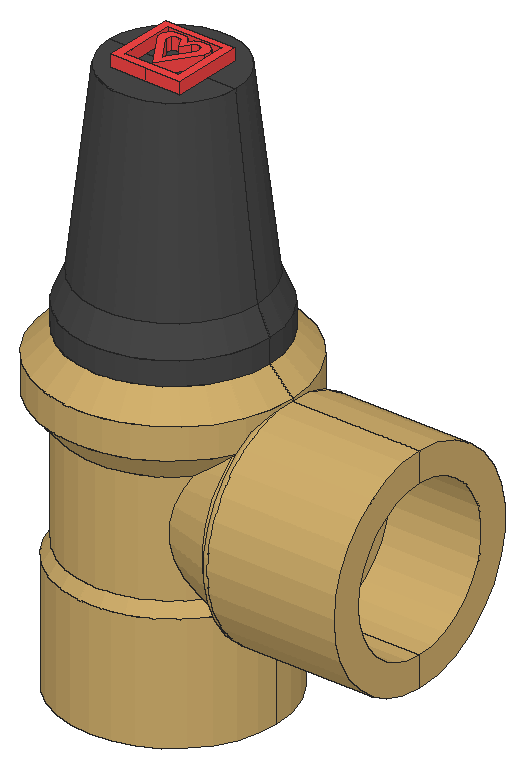
Revit family "Sicherheitsventil 26xx", category Rohrzubehör, Revit 2018
Family settings
  Bemaßung runder Anschluss = Durchmesser verwenden
  Teiletyp = Normal
  OmniClass-Nummer = 23.65.55.14
  OmniClass-Titel = Valves for Liquid Services
  Arbeitsebenenbasiert = Nein
  Immer vertikal = Ja
  Beim Laden mit Abzugskörper schneiden = Nein
  Gemeinsam genutzt = Nein
Parameters (values of type "PN8")
  min.Betriebstemp. = 0 °C  # constant formula
  max.Betriebstemp. = 110 °C  # constant formula
  interne Gewindeanschlüsse = "nach ISO 228-1"  # constant formula
  WS01 = 70.00°  # constant formula
  URL = "www.herz-armaturen.at"
  Typenschild = "Kunststoff PA6"  # constant formula
  SCRNSEQ = "AWI;AWI_TYP=\"1015\";2"
  SCRNCODE = "05;21;02"  # constant formula
  S03 = 10.5000 mm  # constant formula
  S02 [instance] = H02 + H05  # 47.5000 mm
  S01 = 8.0000 mm  # constant formula
  R11 = 1.0000 mm  # constant formula
  R10 [instance] = (Nennweite Aus / 2) + 3.8000 mm  # 13.8000 mm
  R09 [instance] = Nennweite Aus / 2  # 10.0000 mm
  R08 [instance] = (Nennweite / 2) + 3.5000 mm  # 11.0000 mm
  R07 [instance] = R08 - 2.8000 mm  # 8.2000 mm
  R06 [instance] = Nennweite / 2  # 7.5000 mm
  R05 [instance] = Nennweite / 2  # 7.5000 mm
  R04 [instance] = if(PN1.8, size_lookup("26XX_PN1.8", "SW", 40.0000 mm, Nennweite), if(PN2.5, size_lookup("26XX_PN2.5", "SW", 40.0000 mm, Nennweite), if(PN3, size_lookup("26XX_PN3", "SW", 40.0000 mm, Nennweite), if(PN4, size_lookup("26XX_PN4", "SW", 40.0000 mm, Nennweite), if(PN5, size_lookup("26XX_PN5", "SW", 40.0000 mm, Nennweite), if(PN6, size_lookup("26XX_PN6", "SW", 40.0000 mm, Nennweite), if(PN8, size_lookup("26XX_PN8", "SW", 40.0000 mm, Nennweite), size_lookup("26XX_PN10", "SW", 269501.0000 mm, Nennweite))))))))  # 13.5000 mm
  R03 [instance] = (Nennweite / 2) + 5.0000 mm  # 12.5000 mm
  R02 [instance] = R04 + 2.0000 mm  # 15.5000 mm
  PN8 = yes
  PN6 = no
  PN5 = no
  PN4 = no
  PN3 = no
  PN2.5 = no
  PN10 = no
  PN1.8 = no
  Nennweite Aus [instance] = if(PN1.8, size_lookup("26XX_PN1.8", "DN1", 40.0000 mm, Nennweite), if(PN2.5, size_lookup("26XX_PN2.5", "DN1", 40.0000 mm, Nennweite), if(PN3, size_lookup("26XX_PN3", "DN1", 40.0000 mm, Nennweite), if(PN4, size_lookup("26XX_PN4", "DN1", 40.0000 mm, Nennweite), if(PN5, size_lookup("26XX_PN5", "DN1", 40.0000 mm, Nennweite), if(PN6, size_lookup("26XX_PN6", "DN1", 40.0000 mm, Nennweite), if(PN8, size_lookup("26XX_PN8", "DN1", 40.0000 mm, Nennweite), size_lookup("26XX_PN10", "DN1", 269501.0000 mm, Nennweite))))))))  # 20.0000 mm
  Nennweite [instance] = 15.0000 mm
  Membran = "VMQ-Silicom 50 Sha"  # constant formula
  L02 [instance] = if(PN1.8, size_lookup("26XX_PN1.8", "L2", 17.5000 mm, Nennweite), if(PN2.5, size_lookup("26XX_PN2.5", "L2", 17.5000 mm, Nennweite), if(PN3, size_lookup("26XX_PN3", "L2", 17.5000 mm, Nennweite), if(PN4, size_lookup("26XX_PN4", "L2", 17.5000 mm, Nennweite), if(PN5, size_lookup("26XX_PN5", "L2", 17.5000 mm, Nennweite), if(PN6, size_lookup("26XX_PN6", "L2", 17.5000 mm, Nennweite), if(PN8, size_lookup("26XX_PN8", "L2", 17.5000 mm, Nennweite), size_lookup("26XX_PN10", "L2", 269501.0000 mm, Nennweite))))))))  # 17.5000 mm
  L01 [instance] = if(PN1.8, size_lookup("26XX_PN1.8", "L1", 12.0000 mm, Nennweite), if(PN2.5, size_lookup("26XX_PN2.5", "L1", 12.0000 mm, Nennweite), if(PN3, size_lookup("26XX_PN3", "L1", 12.0000 mm, Nennweite), if(PN4, size_lookup("26XX_PN4", "L1", 12.0000 mm, Nennweite), if(PN5, size_lookup("26XX_PN5", "L1", 12.0000 mm, Nennweite), if(PN6, size_lookup("26XX_PN6", "L1", 12.0000 mm, Nennweite), if(PN8, size_lookup("26XX_PN8", "L1", 12.0000 mm, Nennweite), size_lookup("26XX_PN10", "L1", 269501.0000 mm, Nennweite))))))))  # 12.0000 mm
  L00 [instance] = if(PN1.8, size_lookup("26XX_PN1.8", "L", 52.0000 mm, Nennweite), if(PN2.5, size_lookup("26XX_PN2.5", "L", 52.0000 mm, Nennweite), if(PN3, size_lookup("26XX_PN3", "L", 52.0000 mm, Nennweite), if(PN4, size_lookup("26XX_PN4", "L", 52.0000 mm, Nennweite), if(PN5, size_lookup("26XX_PN5", "L", 52.0000 mm, Nennweite), if(PN6, size_lookup("26XX_PN6", "L", 52.0000 mm, Nennweite), if(PN8, size_lookup("26XX_PN8", "L", 52.0000 mm, Nennweite), size_lookup("26XX_PN10", "L", 269501.0000 mm, Nennweite))))))))  # 32.0000 mm
  Kappe = "Kunststoff PA6"  # constant formula
  H08 [instance] = if(PN1.8, size_lookup("26XX_PN1.8", "H8", 21.0000 mm, Nennweite), if(PN2.5, size_lookup("26XX_PN2.5", "H8", 21.0000 mm, Nennweite), if(PN3, size_lookup("26XX_PN3", "H8", 21.0000 mm, Nennweite), if(PN4, size_lookup("26XX_PN4", "H8", 21.0000 mm, Nennweite), if(PN5, size_lookup("26XX_PN5", "H8", 21.0000 mm, Nennweite), if(PN6, size_lookup("26XX_PN6", "H8", 21.0000 mm, Nennweite), if(PN8, size_lookup("26XX_PN8", "H8", 21.0000 mm, Nennweite), size_lookup("26XX_PN10", "H8", 269501.0000 mm, Nennweite))))))))  # 6.5000 mm
  H07 [instance] = if(PN1.8, size_lookup("26XX_PN1.8", "H7", 3.0000 mm, Nennweite), if(PN2.5, size_lookup("26XX_PN2.5", "H7", 3.0000 mm, Nennweite), if(PN3, size_lookup("26XX_PN3", "H7", 3.0000 mm, Nennweite), if(PN4, size_lookup("26XX_PN4", "H7", 3.0000 mm, Nennweite), if(PN5, size_lookup("26XX_PN5", "H7", 3.0000 mm, Nennweite), if(PN6, size_lookup("26XX_PN6", "H7", 3.0000 mm, Nennweite), if(PN8, size_lookup("26XX_PN8", "H7", 3.0000 mm, Nennweite), size_lookup("26XX_PN10", "H7", 269501.0000 mm, Nennweite))))))))  # 3.0000 mm
  H06 [instance] = if(PN1.8, size_lookup("26XX_PN1.8", "H6", 15.0000 mm, Nennweite), if(PN2.5, size_lookup("26XX_PN2.5", "H6", 15.0000 mm, Nennweite), if(PN3, size_lookup("26XX_PN3", "H6", 15.0000 mm, Nennweite), if(PN4, size_lookup("26XX_PN4", "H6", 15.0000 mm, Nennweite), if(PN5, size_lookup("26XX_PN5", "H6", 15.0000 mm, Nennweite), if(PN6, size_lookup("26XX_PN6", "H6", 15.0000 mm, Nennweite), if(PN8, size_lookup("26XX_PN8", "H6", 15.0000 mm, Nennweite), size_lookup("26XX_PN10", "H6", 269501.0000 mm, Nennweite))))))))  # 15.0000 mm
  H05 [instance] = if(PN1.8, size_lookup("26XX_PN1.8", "H5", 30.0000 mm, Nennweite), if(PN2.5, size_lookup("26XX_PN2.5", "H5", 30.0000 mm, Nennweite), if(PN3, size_lookup("26XX_PN3", "H5", 30.0000 mm, Nennweite), if(PN4, size_lookup("26XX_PN4", "H5", 30.0000 mm, Nennweite), if(PN5, size_lookup("26XX_PN5", "H5", 30.0000 mm, Nennweite), if(PN6, size_lookup("26XX_PN6", "H5", 30.0000 mm, Nennweite), if(PN8, size_lookup("26XX_PN8", "H5", 30.0000 mm, Nennweite), size_lookup("26XX_PN10", "H5", 269501.0000 mm, Nennweite))))))))  # 30.5000 mm
  H04 [instance] = if(PN1.8, size_lookup("26XX_PN1.8", "H4", 12.0000 mm, Nennweite), if(PN2.5, size_lookup("26XX_PN2.5", "H4", 12.0000 mm, Nennweite), if(PN3, size_lookup("26XX_PN3", "H4", 12.0000 mm, Nennweite), if(PN4, size_lookup("26XX_PN4", "H4", 12.0000 mm, Nennweite), if(PN5, size_lookup("26XX_PN5", "H4", 12.0000 mm, Nennweite), if(PN6, size_lookup("26XX_PN6", "H4", 12.0000 mm, Nennweite), if(PN8, size_lookup("26XX_PN8", "H4", 12.0000 mm, Nennweite), size_lookup("26XX_PN10", "H4", 269501.0000 mm, Nennweite))))))))  # 12.0000 mm
  H00 [instance] = if(PN1.8, size_lookup("26XX_PN1.8", "H", 72.0000 mm, Nennweite), if(PN2.5, size_lookup("26XX_PN2.5", "H", 72.0000 mm, Nennweite), if(PN3, size_lookup("26XX_PN3", "H", 72.0000 mm, Nennweite), if(PN4, size_lookup("26XX_PN4", "H", 72.0000 mm, Nennweite), if(PN5, size_lookup("26XX_PN5", "H", 72.0000 mm, Nennweite), if(PN6, size_lookup("26XX_PN6", "H", 72.0000 mm, Nennweite), if(PN8, size_lookup("26XX_PN8", "H", 72.0000 mm, Nennweite), size_lookup("26XX_PN10", "H", 269501.0000 mm, Nennweite))))))))  # 72.0000 mm
  H03 [instance] = if(PN1.8, size_lookup("26XX_PN1.8", "H3", 4.0000 mm, Nennweite), if(PN2.5, size_lookup("26XX_PN2.5", "H3", 4.0000 mm, Nennweite), if(PN3, size_lookup("26XX_PN3", "H3", 4.0000 mm, Nennweite), if(PN4, size_lookup("26XX_PN4", "H3", 4.0000 mm, Nennweite), if(PN5, size_lookup("26XX_PN5", "H3", 4.0000 mm, Nennweite), if(PN6, size_lookup("26XX_PN6", "H3", 4.0000 mm, Nennweite), if(PN8, size_lookup("26XX_PN8", "H3", 4.0000 mm, Nennweite), size_lookup("26XX_PN10", "H3", 269501.0000 mm, Nennweite))))))))  # 4.0000 mm
  H02 [instance] = H00 - (H01 + H05)  # 17.0000 mm
  H01 [instance] = if(PN1.8, size_lookup("26XX_PN1.8", "H1", 30.0000 mm, Nennweite), if(PN2.5, size_lookup("26XX_PN2.5", "H1", 30.0000 mm, Nennweite), if(PN3, size_lookup("26XX_PN3", "H1", 30.0000 mm, Nennweite), if(PN4, size_lookup("26XX_PN4", "H1", 30.0000 mm, Nennweite), if(PN5, size_lookup("26XX_PN5", "H1", 30.0000 mm, Nennweite), if(PN6, size_lookup("26XX_PN6", "H1", 30.0000 mm, Nennweite), if(PN8, size_lookup("26XX_PN8", "H1", 30.0000 mm, Nennweite), size_lookup("26XX_PN10", "H1", 269501.0000 mm, Nennweite))))))))  # 24.5000 mm
  Hersteller = "Herz-Armaturen GmbH"  # constant formula
  Gewicht [instance] = if(PN1.8, size_lookup("26XX_PN1.8", "Gewicht", 0.19, Nennweite), if(PN2.5, size_lookup("26XX_PN2.5", "Gewicht", 0.19, Nennweite), if(PN3, size_lookup("26XX_PN3", "Gewicht", 0.19, Nennweite), if(PN4, size_lookup("26XX_PN4", "Gewicht", 0.19, Nennweite), if(PN5, size_lookup("26XX_PN5", "Gewicht", 0.19, Nennweite), if(PN6, size_lookup("26XX_PN6", "Gewicht", 0.19, Nennweite), if(PN8, size_lookup("26XX_PN8", "Gewicht", 0.19, Nennweite), size_lookup("26XX_PN10", "Gewicht", 269501, Nennweite))))))))  # 0.118
  Gehäuse = "geschmiedetes Messing nach EN 12165, CW 617N"  # constant formula
  Feder = "Federstahl W.Nr. 1.4310"  # constant formula
  DN32 [instance] = Nennweite = 32.0000 mm  # no
  DN25 [instance] = Nennweite = 25.0000 mm  # no
  DN20 [instance] = Nennweite = 20.0000 mm  # no
  DN15 [instance] = Nennweite = 15.0000 mm  # yes
  Bestellnummer [instance] = if(PN1.8, size_lookup("26XX_PN1.8", "Artnr", 0, Nennweite), if(PN2.5, size_lookup("26XX_PN2.5", "Artnr", 0, Nennweite), if(PN3, size_lookup("26XX_PN3", "Artnr", 0, Nennweite), if(PN4, size_lookup("26XX_PN4", "Artnr", 0, Nennweite), if(PN5, size_lookup("26XX_PN5", "Artnr", 0, Nennweite), if(PN6, size_lookup("26XX_PN6", "Artnr", 0, Nennweite), if(PN8, size_lookup("26XX_PN8", "Artnr", 0, Nennweite), size_lookup("26XX_PN10", "Artnr", 0, Nennweite))))))))  # 1268501
  Anwendungen = "HERZ Sicherheitsventil wird als Schutzelement an Zentralheizungskesseln und in geschlossenen Heizungsanlagen eingesetzt. Es schützt den Kessel und die Installation vor erhöhtem Druck. Der Öffnungsdruck ist gleich dem Nenndruck."
Types (9, lengths in mm): name | S02 | R10 | R09 | R08 | R07 | R06 | R05 | R04 | R03 | R02 | PN8 | PN6 | PN5 | PN4 | PN3 | PN2.5 | PN10 | PN1.8 | Nennweite Aus | Nennweite | L00 | H08 | H05 | H00 | H02 | H01 | Gewicht | DN32 | DN25 | DN20 | DN15 | Bestellnummer | Anwendungen
  (no name) | 47.5000 | 13.8000 | 10.0000 | 11.0000 | 8.2000 | 7.5000 | 7.5000 | 13.5000 | 12.5000 | 15.5000 | yes | no | no | no | no | no | no | no | 20.0000 | 15.0000 | 32.0000 | 6.5000 | 30.5000 | 72.0000 | 17.0000 | 24.5000 | 0.118 | no | no | no | yes | 1268501 | "HERZ Sicherheitsventil wird als Schutzelement an Zentralheizungskesseln und in geschlossenen Heizungsanlagen eingesetzt. Es schützt den Kessel und die Installation vor erhöhtem Druck. Der Öffnungsdruck ist gleich dem Nenndruck."
  PN1.8 | 44.7500 | 16.3000 | 12.5000 | 13.5000 | 10.7000 | 10.0000 | 10.0000 | 16.0000 | 15.0000 | 18.0000 | no | no | no | no | no | no | no | yes | 25.0000 | 20.0000 | 35.0000 | 9.7500 | 25.0000 | 72.0000 | 19.7500 | 27.2500 | 0.19 | no | no | yes | no | 1261802 | "HERZ Druckentlastungsventil wird als Schutzelement an Zentralheizungskesseln und in geschlossenen Heizungsanlagen eingesetzt. Es schützt den Kessel und die Installation vor erhöhtem Druck. Der Öffnungsdruck ist gleich dem Nenndruck."
  PN2.5 | 47.5000 | 13.8000 | 10.0000 | 11.0000 | 8.2000 | 7.5000 | 7.5000 | 13.5000 | 12.5000 | 15.5000 | no | no | no | no | no | yes | no | no | 20.0000 | 15.0000 | 32.0000 | 6.5000 | 30.5000 | 72.0000 | 17.0000 | 24.5000 | 0.118 | no | no | no | yes | 1261101 | "HERZ Druckentlastungsventil wird als Schutzelement an Zentralheizungskesseln und in geschlossenen Heizungsanlagen eingesetzt. Es schützt den Kessel und die Installation vor erhöhtem Druck. Der Öffnungsdruck ist gleich dem Nenndruck."
  PN3 | 64.2500 | 23.8000 | 20.0000 | 19.5000 | 16.7000 | 16.0000 | 16.0000 | 25.0000 | 21.0000 | 27.0000 | no | no | no | no | yes | no | no | no | 40.0000 | 32.0000 | 52.0000 | 21.5000 | 32.7500 | 97.0000 | 31.5000 | 32.7500 | 0.728 | yes | no | no | no | 1261004 | "HERZ Druckentlastungsventil wird als Schutzelement an Zentralheizungskesseln und in geschlossenen Heizungsanlagen eingesetzt. Es schützt den Kessel und die Installation vor erhöhtem Druck. Der Öffnungsdruck ist gleich dem Nenndruck."
  PN4 | 47.5000 | 13.8000 | 10.0000 | 11.0000 | 8.2000 | 7.5000 | 7.5000 | 13.5000 | 12.5000 | 15.5000 | no | no | no | yes | no | no | no | no | 20.0000 | 15.0000 | 32.0000 | 6.5000 | 30.5000 | 72.0000 | 17.0000 | 24.5000 | 0.118 | no | no | no | yes | 1261501 | "HERZ Druckentlastungsventil wird als Schutzelement an Zentralheizungskesseln und in geschlossenen Heizungsanlagen eingesetzt. Es schützt den Kessel und die Installation vor erhöhtem Druck. Der Öffnungsdruck ist gleich dem Nenndruck."
  PN5 | 67.0000 | 19.8000 | 16.0000 | 16.0000 | 13.2000 | 12.5000 | 12.5000 | 20.5000 | 17.5000 | 22.5000 | no | no | yes | no | no | no | no | no | 32.0000 | 25.0000 | 50.0000 | 13.0000 | 44.0000 | 97.0000 | 23.0000 | 30.0000 | 0.54 | no | yes | no | no | 1265703 | "HERZ Druckentlastungsventil wird als Schutzelement an Zentralheizungskesseln und in geschlossenen Heizungsanlagen eingesetzt. Es schützt den Kessel und die Installation vor erhöhtem Druck. Der Öffnungsdruck ist gleich dem Nenndruck."
  PN6 | 47.5000 | 13.8000 | 10.0000 | 11.0000 | 8.2000 | 7.5000 | 7.5000 | 13.5000 | 12.5000 | 15.5000 | no | yes | no | no | no | no | no | no | 20.0000 | 15.0000 | 32.0000 | 6.5000 | 30.5000 | 72.0000 | 17.0000 | 24.5000 | 0.118 | no | no | no | yes | 1261301 | "HERZ Druckentlastungsventil wird als Schutzelement an Zentralheizungskesseln und in geschlossenen Heizungsanlagen eingesetzt. Es schützt den Kessel und die Installation vor erhöhtem Druck. Der Öffnungsdruck ist gleich dem Nenndruck."
  PN8 | 47.5000 | 13.8000 | 10.0000 | 11.0000 | 8.2000 | 7.5000 | 7.5000 | 13.5000 | 12.5000 | 15.5000 | yes | no | no | no | no | no | no | no | 20.0000 | 15.0000 | 32.0000 | 6.5000 | 30.5000 | 72.0000 | 17.0000 | 24.5000 | 0.118 | no | no | no | yes | 1268501 | "HERZ Sicherheitsventil wird als Schutzelement an Zentralheizungskesseln und in geschlossenen Heizungsanlagen eingesetzt. Es schützt den Kessel und die Installation vor erhöhtem Druck. Der Öffnungsdruck ist gleich dem Nenndruck."
  PN10 | 47.5000 | 13.8000 | 10.0000 | 11.0000 | 8.2000 | 7.5000 | 7.5000 | 13.5000 | 12.5000 | 15.5000 | no | no | no | no | no | no | yes | no | 20.0000 | 15.0000 | 32.0000 | 6.5000 | 30.5000 | 72.0000 | 17.0000 | 24.5000 | 0.118 | no | no | no | yes | 1269501 | "HERZ Druckentlastungsventil wird als Schutzelement an Zentralheizungskesseln und in geschlossenen Heizungsanlagen eingesetzt. Es schützt den Kessel und die Installation vor erhöhtem Druck. Der Öffnungsdruck ist gleich dem Nenndruck."
Reference planes
  plane 1 "Mitte (Vorne/hinten)": y = 0
  plane 2: z = 0
  plane 3 "Mitte (Links/rechts)": x = 0
Forms (mm)
  Revolve 1, solid, material "Kunststoff schwarz", detail levels fine
    sketch origin (0, 0, 0) x (1, 0, 0) y (0, 0, 1)
      loop
        line (0, 47.5) -> (-8.2, 47.5) -> (-11, 23.493) -> (-12.5, 20) -> (-12.5, 17) -> (0, 17) -> (0, 47.5)
      axis (0, 47.5) -> (0, 17)
    angle from 0 to 360
  Revolve 2, solid, material "Messing", detail levels fine
    sketch origin (0, 0, 0) x (1, 0, 0) y (0, 0, 1)
      loop
        line (-15.5, 14) -> (-15.5, 10) -> (-12.5, 6.5) -> (-12.5, -7.886) -> (-13.5, -9.5) -> (-13.5, -24.5) -> (-7.5, -24.5) -> (-7.5, -12.5) -> (0, -12.5) -> (0, 17) -> (-12.5, 17) -> (-15.5, 14)
      axis (0, 17) -> (0, -24.5)
    angle from 0 to 360
  Revolve 3, solid, material "Messing", detail levels fine
    sketch origin (18.5, 0, 0) x (1, 0, 0) y (0, 0, 1)
      loop
        line (13.5, 10) -> (13.5, 13.8) -> (-3.06, 13.8)
        arc (-3.06, 13.8) -> (-3.634, 13.619) -> (-4, 13.142) r 1
        arc (-4, 13.142) -> (-4.293, 12.435) -> (-5, 12.142) r 1
        line (-5, 12.142) -> (-18.5, 7.5) -> (-18.5, 0) -> (1.5, 0) -> (1.5, 10) -> (13.5, 10)
      axis (-18.5, 0) -> (13.5, 0)
    angle from 0 to 360
Lines and regions (mm)
  model lines, detail levels coarse+medium
    curve 1: line (0.003, 0, -0.007) -> (0.003, 0, 47.5)
    curve 2: line (0.003, 0, -0.007) -> (-13.5, 0, -24.5)
    curve 3: line (-13.5, 0, -24.5) -> (13.5, 0, -24.5)
    curve 4: line (13.5, 0, -24.5) -> (0.003, 0, -0.007)
    curve 5: line (0.003, 0, -0.007) -> (32, 0, -13.8)
    curve 6: line (32, 0, -13.8) -> (32, 0, 13.8)
    curve 7: line (32, 0, 13.8) -> (0.003, 0, -0.007)
    curve 8: line (-10.5, 0, 48.643) -> (10.5, 0, 41)
    curve 9: line (-10.5, 0, 40.643) -> (10.5, 0, 33)
    curve 10: line (-10.5, 0, 32.643) -> (10.5, 0, 25)
    curve 11: line (-10.5, 0, 24.643) -> (10.5, 0, 17)
    curve 12: line (0, 0, 0) -> (32, 13.8, 0)
    curve 13: line (32, 13.8, 0) -> (32, -13.8, 0)
    curve 14: line (32, -13.8, 0) -> (0, 0, 0)
    curve 15: line (0, 0, 0) -> (-13.5, -24.5, 0)
    curve 16: line (-13.5, -24.5, 0) -> (13.5, -24.5, 0)
    curve 17: line (13.5, -24.5, 0) -> (0, 0, 0)
    curve 18: line (0, 0, 0) -> (0, 47.5, 0)
    curve 19: line (-10.5, 48.643, 0) -> (10.5, 41, 0)
    curve 20: line (-10.5, 40.643, 0) -> (10.5, 33, 0)
    curve 21: line (-10.5, 32.643, 0) -> (10.5, 25, 0)
    curve 22: line (-10.5, 24.643, 0) -> (10.5, 17, 0)
Dimensions and locks
  "R03": Revolve 2 sketch curve to Revolve 2 sketch curve  (x2)
  "R02": Revolve 2 sketch curve to Revolve 2 sketch curve
  "R04": Revolve 2 sketch curve to Revolve 2 sketch curve
  "R05": Revolve 2 sketch curve to Revolve 2 sketch curve
  "H01": level to Revolve 2 sketch curve
  "H02": Revolve 2 sketch curve to level
  "R03": Revolve 1 sketch curve to Revolve 1 sketch curve
  "R07": Revolve 1 sketch curve to Revolve 1 sketch curve
  "R08": Revolve 1 sketch curve to Revolve 1 sketch curve
  "R06": Revolve 3 sketch curve to Revolve 3 sketch curve
  "R09": Revolve 3 sketch curve to Revolve 3 sketch curve
  "R10": Revolve 3 sketch curve to Revolve 3 sketch curve
  "L00": Revolve 3 sketch curve to Revolve 3 sketch curve
  "H05": Revolve 1 sketch curve to Revolve 1 sketch curve
  "L01": Revolve 3 sketch curve to Revolve 3 sketch curve
  "H04": Revolve 2 sketch curve to Revolve 2 sketch curve
  "L02": Revolve 3 sketch curve to Revolve 3 sketch curve
  "H06": Revolve 2 sketch curve to Revolve 2 sketch curve
  "H02": Revolve 1 sketch curve to plane 2
  "H00": Revolve 1 to Revolve 2
  "H07": Revolve 2 sketch curve to Revolve 2 sketch curve
  "H07": Revolve 1 sketch curve to Revolve 1 sketch curve
  "H08": Revolve 2 sketch curve to plane 2
  "S02": curve 1 to plane 2
  "H01": plane 2 to curve 3
  "R04": curve 4 to plane 3 "Mitte (Links/rechts)" to curve 3
  "L00": curve 6 to plane 3 "Mitte (Links/rechts)"
  "R10": curve 7 to plane 2 to curve 6
  "S03": curve 8 to plane 3 "Mitte (Links/rechts)" to curve 8
  "S01": curve 8 to curve 9
  "S01": curve 9 to curve 10
  "S01": curve 10 to curve 11
  "H02": curve 11 to plane 2
  "L00": plane 3 "Mitte (Links/rechts)" to curve 13
  "R10": curve 14 to plane 1 "Mitte (Vorne/hinten)" to curve 13
  "H01": curve 16 to plane 1 "Mitte (Vorne/hinten)"
  "R04": curve 16 to plane 3 "Mitte (Links/rechts)" to curve 17
  "S02": plane 1 "Mitte (Vorne/hinten)" to curve 18
  "S03": curve 19 to plane 3 "Mitte (Links/rechts)" to curve 19
  "S01": curve 19 to curve 20
  "S01": curve 20 to curve 21
  "S01": curve 21 to curve 22
  "H02": plane 1 "Mitte (Vorne/hinten)" to curve 22
  "S02": nested 1 to plane 2
  "R11": radius of Revolve 3 sketch curve  (x2)
  "WS01": angle plane 3 "Mitte (Links/rechts)" to curve 8
  "WS01": angle plane 3 "Mitte (Links/rechts)" to curve 9
  "WS01": angle plane 3 "Mitte (Links/rechts)" to curve 10
  "WS01": angle plane 3 "Mitte (Links/rechts)" to curve 11
  "WS01": angle plane 3 "Mitte (Links/rechts)" to curve 19
  "WS01": angle plane 3 "Mitte (Links/rechts)" to curve 20
  "WS01": angle plane 3 "Mitte (Links/rechts)" to curve 21
  "WS01": angle plane 3 "Mitte (Links/rechts)" to curve 22
  aligned and locked: level to plane 2
Automatic sketch dimensions
  plane 3 "Mitte (Links/rechts)" to curve 4 = 0.0034 mm
  curve 4 to level = 0.0072 mm
  curve 11 to plane 3 "Mitte (Links/rechts)" = 10.5000 mm
  curve 10 to curve 11 = 0.0000 mm
  curve 9 to curve 10 = 0.0000 mm
  plane 1 "Mitte (Vorne/hinten)" to curve 14 = 0.0000 mm
  curve 14 to plane 3 "Mitte (Links/rechts)" = 0.0000 mm
  curve 20 to curve 19 = 0.0000 mm
  curve 21 to curve 20 = 0.0000 mm
  curve 22 to curve 21 = 0.0000 mm
  Revolve 1 sketch curve to plane 3 "Mitte (Links/rechts)" = 0.0000 mm  (x2)
  Revolve 1 sketch curve to Revolve 1 sketch curve = 3.4935 mm
  Revolve 1 sketch curve to level = 366.0447 mm
  Revolve 1 sketch curve to Revolve 1 sketch curve = 0.0000 mm
  Revolve 2 sketch curve to plane 3 "Mitte (Links/rechts)" = 0.0000 mm  (x2)
  Revolve 2 sketch curve to Revolve 2 sketch curve = 1.6143 mm
  Revolve 2 sketch curve to Revolve 2 sketch curve = 4.0000 mm
  Revolve 2 sketch curve to Revolve 2 sketch curve = 336.0447 mm
  Revolve 2 sketch curve to Revolve 2 sketch curve = 2186.6924 mm
  Revolve 3 sketch curve to level = 0.0000 mm  (x2)
  Revolve 3 sketch curve to plane 3 "Mitte (Links/rechts)" = 0.0000 mm
  Revolve 3 sketch curve to Revolve 3 sketch curve = 0.9397 mm
  Revolve 3 sketch curve to Revolve 3 sketch curve = 1333.4903 mm
  Revolve 3 sketch curve to Revolve 3 sketch curve = 1867.4827 mm
Nested families
  nested 1: "Herz-Logo" at (0, 0, 47.5), type "Herz-Logo"
Connectors
  piping at (20, 0, 0), diameter 20, driven by "Nennweite Aus"
    settings: on Revolve 3, index 1, connector inside diameter 609.6 mm, connector length 0.0000 mm, flow factor 0, pipe flow 0.0 L/s, pressure drop 0.0 Pa, fitting loss kfactor 0, connector angle 0.00°, fixture units 0, engagement length 0.0000 mm, angle of deflection 0.00°, flow configuration 0, flow direction 2, fitting loss method 0, system type 29, joint type 0, gender type 0, connector reference index -1, connector utility 0, adjustable connector no, is connector primary yes, connector description ""
  piping at (0, 0, -12.5), diameter 15, driven by "Nennweite"
    settings: on Revolve 2, index 2, connector inside diameter 609.6 mm, connector length 0.0000 mm, flow factor 0, pipe flow 0.0 L/s, pressure drop 0.0 Pa, fitting loss kfactor 0, connector angle 0.00°, fixture units 0, engagement length 0.0000 mm, angle of deflection 0.00°, flow configuration 0, flow direction 1, fitting loss method 0, system type 29, joint type 0, gender type 0, connector reference index -1, connector utility 0, adjustable connector no, is connector primary no, connector description ""
Definition of nested family "Herz-Logo"
  Reference planes
    plane 1 "Mitte (Vorne/hinten)": y = 0
    plane 2: z = 0
    plane 3 "Mitte (Links/rechts)": x = 0
  Forms (mm)
    Extrusion 1, solid
      sketch origin (0, 0, 0) x (1, 0, 0) y (0, 1, 0)
        loop
          line (-0.018, -4.517) -> (4.482, -4.517) -> (4.482, 4.483) -> (-4.518, 4.483) -> (-4.518, -4.517) -> (-0.018, -4.517)
        loop
          line (-0.05, -3.48) -> (3.482, -3.48) -> (3.482, 3.483) -> (-3.518, 3.483) -> (-3.518, -3.48) -> (-0.05, -3.48)
        loop
          arc (-0.018, 2.383) -> (-1.543, 3.287) -> (-3.067, 2.383) r 1.738
          arc (-3.067, 2.383) -> (-3.191, 1.899) -> (-3.067, 1.415) r 1.009
          line (-3.067, 1.415) -> (-0.018, -3.281) -> (3.032, 1.415)
          arc (3.032, 1.415) -> (3.156, 1.899) -> (3.032, 2.383) r 1.009
          arc (3.032, 2.383) -> (1.507, 3.287) -> (-0.018, 2.383) r 1.738
        loop
          arc (1.885, 1.272) -> (2.005, 1.675) -> (1.885, 2.079) r 0.74
          arc (1.885, 2.079) -> (1.265, 2.416) -> (0.644, 2.079) r 0.74
          line (0.644, 2.079) -> (-0.018, 0.97) -> (-0.679, 2.079)
          arc (-0.679, 2.079) -> (-1.3, 2.416) -> (-1.921, 2.079) r 0.74
          arc (-1.921, 2.079) -> (-2.04, 1.675) -> (-1.921, 1.272) r 0.74
          line (-1.921, 1.272) -> (-0.018, -1.658) -> (1.885, 1.272)
      from 0 to 1.5
  Dimensions and locks
    aligned and locked: level to plane 2
